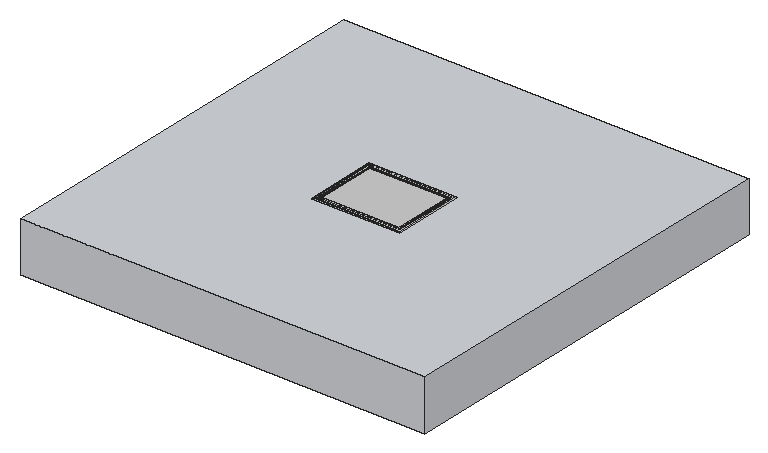
Revit family
Parameters (values of type "EC-125")
  URL = "http://www.productspec.net/products/25825/holyoake-industries/exhaust-and-return-grille-ec-125.aspx"
  Type Comments = "Exhaust and Return Grille"  # constant formula
  Grille Depth = 22.00 mm  # constant formula
  Filter = Exhaust and Return Grille - Holyoake - Filter
  Engineering Data [instance] = "http://www.productspec.net/nas/TechnicalFiles/2367/p25825/E16-E18%20EC%20HI.pdf"
  Overall Width = Nominal Width + 31.00 mm  # 531.00 mm
  Overall Height = Nominal Height + 31.00 mm  # 431.00 mm
  Exact Neck Width = Nominal Width - 17.00 mm  # 483.00 mm
  Exact Neck Height = Nominal Height - 17.00 mm  # 383.00 mm
  Model = "EC-125"  # constant formula
  Manufacturer = "Holyoake Industries Ltd"  # constant formula
  Frame = Exhaust and Return Grille - Holyoake - Aluminium
  Nominal Width = 500.00 mm
  Nominal Height = 400.00 mm
  Description = "Features 12.5 x 12.5 x 12.5mm aluminium core. Provides maximum free area."  # constant formula
  Default Elevation = 0.00 mm
  Created By = "Productspec Ltd"  # constant formula
  Author = "Zinder Zhao"  # constant formula
  Assembly Code = ""
Reference planes
  plane 1 "Center (Front/Back)": y = 0
  plane 2: z = 0
  plane 3 "Center (Left/Right)": x = 0
  plane 4 "Duct Right": x = 250
  plane 5 "Duct Left": x = -250
  plane 6 "Duct Top": y = 200
  plane 7 "Duct Bottom": y = -200
  plane 8: x = -241.5
  plane 9: x = 241.5
  plane 10: y = 191.5
  plane 11: y = -191.5
  plane 12: y = 191.5
  plane 13: y = -186.5
  plane 14: x = -265.5
  plane 15: x = 265.5
  plane 16: y = 215.5
  plane 17: y = -215.5
  plane 18: x = 241.5
  plane 19: x = -236.5
  plane 20: z = -22
Forms (mm)
  Extrusion 1, solid
    sketch origin (0, 0, 0) x (1, 0, 0) y (0, 1, 0)
      loop
        line (-1219.2, 1219.2) -> (-1219.2, -1219.2) -> (1219.2, -1219.2) -> (1219.2, 1219.2) -> (-1219.2, 1219.2)
    from 0 to -304.8
  Sweep 2, solid, material "Exhaust and Return Grille - Holyoake - Aluminium" <- "Frame", detail levels medium+fine
    path origin (0, 0, 0) x (1, 0, 0) y (0, 1, 0)
      loop
        line (-241.5, -191.5) -> (241.5, -191.5) -> (241.5, 191.5) -> (-241.5, 191.5) -> (-241.5, -191.5)
    profile "Holyoake_ReturnGrille_RLL-23_TradeLineSurround_profile : RLL-23-RC Surround Profile" origin (-241.5, 0, 0) x (-1, 0, 0) y (0, 0, 1)
      loop
        line (23.85, 1.347) -> (21.164, 6) -> (-3.1, 6) -> (-3.1, 4.45) -> (-6.55, 4.45) -> (-6.55, 2.9) -> (-1.55, 2.9) -> (-1.55, -22) -> (0, -22) -> (0, 3.734) -> (1.207, 1.643)
        arc (1.207, 1.643) -> (1.657, 1.462) -> (1.951, 1.847) r 0.4
        line (1.951, 1.847) -> (2.974, 1.847)
        arc (2.974, 1.847) -> (3.5, 2.374) -> (2.974, 2.9) r 0.526
        line (2.974, 2.9) -> (1.95, 2.9) -> (1.95, 4.45) -> (16.35, 4.45) -> (16.35, 2.9) -> (15.326, 2.9)
        arc (15.326, 2.9) -> (14.8, 2.374) -> (15.326, 1.847) r 0.526
        line (15.326, 1.847) -> (17.5, 1.847) -> (17.5, 4.45) -> (20.673, 4.45) -> (22.464, 1.347) -> (23.85, 1.347)
  Extrusion 3, solid, material "Exhaust and Return Grille - Holyoake - Filter" <- "Filter", detail levels fine
    sketch origin (0, 0, 0) x (1, 0, 0) y (0, 1, 0)
      loop
        line (-236.5, 191.5) -> (-236.5, -186.5) -> (241.5, -186.5) -> (241.5, 191.5) -> (-236.5, 191.5)
    from -12 to 0
  Extrusion 4, solid, material "Exhaust and Return Grille - Holyoake - Aluminium" <- "Frame", detail levels coarse
    sketch origin (0, 0, 0) x (1, 0, 0) y (0, 1, 0)
      loop
        line (-239.95, 189.95) -> (-239.95, -189.95) -> (239.95, -189.95) -> (239.95, 189.95) -> (-239.95, 189.95)
    from -22 to 6
Dimensions and locks
  equal spacing: plane 5 "Duct Left", plane 3 "Center (Left/Right)", plane 4 "Duct Right"
  "Nominal Width": plane 5 "Duct Left" to plane 4 "Duct Right"
  "Exact Neck Width": plane 8 to plane 9
  "Exact Neck Height": plane 11 to plane 10
  equal spacing: plane 7 "Duct Bottom", plane 1 "Center (Front/Back)", plane 6 "Duct Top"
  "Nominal Height": plane 7 "Duct Bottom" to plane 6 "Duct Top"
  locked: plane 5 "Duct Left" to plane 8 at 8.5
  locked: plane 7 "Duct Bottom" to plane 11 at 8.5
  "Overall Width": plane 14 to plane 15
  "Overall Height": plane 17 to plane 16
  "Grille Depth": plane 2 to plane 20
  locked: plane 8 to plane 14 at 24
  plane 8 to plane 19 = 5.00 mm
  plane 11 to plane 13 = 5.00 mm
  locked: plane 11 to plane 17 at 24
  aligned and locked: plane 2 to Extrusion 1
  aligned and locked: plane 11 to Sweep 2 sketch curve
  aligned and locked: Sweep 2 sketch curve to plane 9
  aligned and locked: plane 8 to Sweep 2 sketch curve
  aligned and locked: plane 10 to Sweep 2 sketch curve
  aligned and locked: level to Extrusion 3
  aligned and locked: Sweep 2 to Extrusion 4 sketch curve
  aligned and locked: Extrusion 4 sketch curve to Sweep 2  (x3)
  aligned and locked: Sweep 2 to Extrusion 4
  aligned and locked: plane 19 to Extrusion 3 sketch curve
  aligned and locked: plane 12 to Extrusion 3 sketch curve
  aligned and locked: plane 13 to Extrusion 3 sketch curve
  aligned and locked: Extrusion 3 sketch curve to plane 18
  aligned and locked: Extrusion 4 to plane 20
Automatic sketch dimensions
  Extrusion 1 sketch curve to Extrusion 1 sketch curve = 2438.40 mm  (x2)
Connectors
  hvac at (0, 0, -22), driven by "Exact Neck Width", driven by "Exact Neck Height"
    settings: on Sweep 2, index 1
